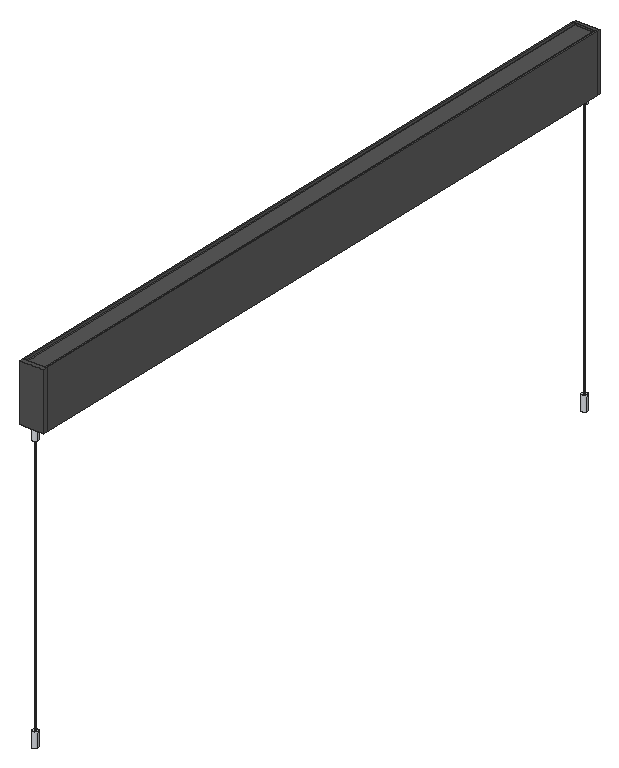
Revit family "EOS1.0-P-DI", category Lighting Fixtures, host Face, Revit 2018
Family settings
  Host = Face
  Round Connector Dimension = Use Diameter
  Part Type = Normal
  Cut with Voids When Loaded = No
  Light Source = Yes
  Shared = Yes
  Room Calculation Point = Yes
Parameters (values of type "4' Direct/ Indirect")
  Wattage = 35.2941 W
  built-in parameter 1150110 = 1 (stored number, unit not read)
  Voltage = 0 V
  built-in parameter 1114217 = 1 (stored number, unit not read)
  Tilt Angle = 90.00°
  built-in parameter 1150109 = 1 (stored number, unit not read)
  built-in parameter 1150134 = 12
  Switch Leg Visibility = no
  Switch Leg [instance] = ""
  Suspension Length [instance] = 2' - 0"
  built-in parameter 1150113 = 1 (stored number, unit not read)
  Photometric Web File = "EOS1.0-P-DI-375-375-4-40K-8-1-UNV-S1.ies"
  Material [instance] = LUX ILLUMINAIRE Black
  built-in parameter 1150105 = 238.73 (stored number, unit not read)
  Lumens = 3000 lm
  built-in parameter 1150115 = 1 (stored number, unit not read)
  built-in parameter 1150137 = (empty or 0)
  built-in parameter 1150139 = (empty or 0)
  built-in parameter 1150112 = 1 (stored number, unit not read)
  built-in parameter 1150114 = 1 (stored number, unit not read)
  Lamp = "LED"
  built-in parameter 1150132 = 2
  built-in parameter 1150102 = (empty or 0)
  built-in parameter 1150107 = 4000 (stored number, unit not read)
  built-in parameter 1150138 = (empty or 0)
  built-in parameter 1150106 = 2.3873 (stored number, unit not read)
  Fixture Width = 0' - 1 87/128"  # constant formula
  Fixture Symbol Visiblity = yes
  Fixture Length = 4' - 0"
  Emit from Rectangle Width = Fixture Width - 0' 0 1/4"  # 0' - 1 55/128"
  Emit from Rectangle Length = Fixture Length  # 4' - 0"
  Emit Shape Visible in Rendering = yes
  Emergency Lighting [instance] = no
  built-in parameter 1150104 = 7.8968 (stored number, unit not read)
  Dimming Lamp Color Temperature Shift = <None>
  Default Elevation = 4' - 0"
  Color Filter = 16777215
  built-in parameter 1140040 [instance] = 1
  built-in parameter 1114218 = 1 (stored number, unit not read)
  built-in parameter 1150133 = 10 (stored number, unit not read)
  Apparent Load = 30.6 VA
Types (7): name | Wattage | built-in parameter 1150105 | Lumens | built-in parameter 1150106 | Fixture Length | Emit from Rectangle Length | Apparent Load
  2' Direct/ Indirect | 17.6471 W | 119.37 (stored number, unit not read) | 1500 lm | 1.1937 (stored number, unit not read) | 2' - 0" | 2' - 0" | 30.6 VA
  3' Direct/ Indirect | 26.4706 W | 179.05 (stored number, unit not read) | 2250 lm | 1.7905 (stored number, unit not read) | 3' - 0" | 3' - 0" | 23 VA
  4' Direct/ Indirect | 35.2941 W | 238.73 (stored number, unit not read) | 3000 lm | 2.3873 (stored number, unit not read) | 4' - 0" | 4' - 0" | 30.6 VA
  5' Direct/ Indirect | 44.1176 W | 298.42 (stored number, unit not read) | 3750 lm | 2.9842 (stored number, unit not read) | 5' - 0" | 5' - 0" | 38 VA
  6' Direct/ Indirect | 52.9412 W | 358.1 (stored number, unit not read) | 4500 lm | 3.581 (stored number, unit not read) | 6' - 0" | 6' - 0" | 45.9 VA
  7' Direct/ Indirect | 61.7647 W | 417.78 (stored number, unit not read) | 5250 lm | 4.1778 (stored number, unit not read) | 7' - 0" | 7' - 0" | 53.6 VA
  8' Direct/ Indirect | 70.5882 W | 477.46 (stored number, unit not read) | 6000 lm | 4.7746 (stored number, unit not read) | 8' - 0" | 8' - 0" | 61.2 VA
Reference planes (in)
  plane 1 "Center (Front/Back)": y = 0
  plane 2: z = 0
  plane 3 "Center (Left/Right)": x = 0
  plane 4: x = 0.83984
  plane 5: x = -0.83984
  plane 6: y = 24
  plane 7: y = -24
  plane 8: z = 24
  plane 9: y = 24.25
  plane 10: y = -24.25
  plane 11: z = 1
  plane 12: z = 20
  plane 13: z = 19.25
Forms (in)
  Extrusion 1, solid, material "LUX ILLUMINAIRE Black" <- "Material"
    sketch origin (0, 0, 0) x (1, 0, 0) y (0, 0, 1)
      loop
        line (-0.8401, 19.9985) -> (-0.437, 19.9985) -> (0.438, 19.9985) -> (0.8411, 19.9985) -> (0.8411, 24) -> (0.75611, 24) -> (0.75611, 23.887) -> (0.60412, 23.90497) -> (-0.60354, 23.90497) -> (-0.75511, 23.887) -> (-0.75511, 24) -> (-0.8401, 24) -> (-0.8401, 19.9985)
    from -24 to 24
  Extrusion 2, solid, material "LUX ILLUMINAIRE Black" <- "Material"
    sketch origin (0, 0, 0) x (1, 0, 0) y (0, 0, 1)
      loop
        line (-0.8401, 24) -> (-0.8401, 19.9985) -> (-0.437, 19.9985) -> (0.438, 19.9985) -> (0.8411, 19.9985) -> (0.8411, 24) -> (-0.8401, 24)
    from 24 to 24.25
  Extrusion 3, solid
    sketch origin (0, 0, 0) x (1, 0, 0) y (0, 1, 0)
      loop
        circle (0.00029, -24) r 0.1875
    from 0 to 1
  Extrusion 4, solid
    sketch origin (0, 0, 0) x (1, 0, 0) y (0, 1, 0)
      loop
        circle (0.0005, -24) r 0.03125
    from 1 to 19.25
  Extrusion 5, solid
    sketch origin (0, 0, 0) x (1, 0, 0) y (0, 1, 0)
      loop
        circle (0.0005, -24) r 0.18729
    from 19.25 to 20
  Extrusion 6, solid, not visible
    sketch origin (0, 0, 0) x (1, 0, 0) y (0, 1, 0)
      loop
        circle (0.00029, -24) r 0.1875
    from 0 to 1
  Extrusion 7, solid, not visible
    sketch origin (0, 0, 0) x (1, 0, 0) y (0, 1, 0)
      loop
        circle (0.0005, -24) r 0.03125
    from 1 to 13.33203
  Extrusion 8, solid, not visible
    sketch origin (0, 0, 0) x (1, 0, 0) y (0, 1, 0)
      loop
        circle (0.0005, -24) r 0.18729
    from 13.33203 to 14.08203
  Extrusion 9, solid, material "LUX ILLUMINAIRE Black" <- "Material"
    sketch origin (0.00056, 24, 0) x (1, 0, 0) y (0, 0, -1)
      loop
        line (-0.84041, -24) -> (0.83928, -24) -> (0.83928, -19.9985) -> (0.438, -19.9985) -> (-0.437, -19.9985) -> (-0.84041, -19.9985) -> (-0.84041, -24)
    from 0 to 0.25
  Extrusion 10, solid
    sketch origin (0, 0, 0) x (1, 0, 0) y (0, 1, 0)
      loop
        circle (0.00029, 24) r 0.1875
    from 0 to 1
  Extrusion 11, solid
    sketch origin (0, 0, 0) x (1, 0, 0) y (0, 1, 0)
      loop
        circle (0.0005, 24) r 0.03125
    from 1 to 19.25
  Extrusion 12, solid
    sketch origin (0, 0, 0) x (1, 0, 0) y (0, 1, 0)
      loop
        circle (0.0005, 24) r 0.18729
    from 19.25 to 20
Lines and regions (in)
  symbolic lines, visible <- "Fixture Symbol Visiblity"
    curve 1: line (-0.83984, 24, 0) -> (0.83984, 24, 0)
    curve 2: line (-0.83984, -24, 0) -> (-0.83984, 24, 0)
    curve 3: line (0.83984, -24, 0) -> (-0.83984, -24, 0)
    curve 4: line (0.83984, 24, 0) -> (0.83984, -24, 0)
Dimensions and locks (in)
  plane 5 to plane 4 = 0' - 1 87/128"
  equal spacing: plane 7, plane 1 "Center (Front/Back)", plane 6
  "Fixture Length": plane 7 to plane 6
  plane 8 to host face = 2' - 0"
  locked: plane 6 to plane 9 at 0.25
  locked: plane 10 to plane 7 at 0.25
  "Suspension Length": plane 8 to level
  "Fixture Width": plane 4 to plane 5
  equal spacing: plane 4, plane 3 "Center (Left/Right)", plane 5
  locked: nested 2 to plane 10 at 9.5
  locked: nested 3 to Extrusion 1 at 0.09086
  plane 8 to plane 12 to plane 13 = 0' - 4" locked, 0' - 0 3/4" locked
  locked: plane 8 to imposter light at 0.05558
  aligned and locked: plane 2 to host face
  aligned and locked: level to host face
  aligned and locked: Extrusion 9 to plane 5
  aligned and locked: plane 4 to Extrusion 9
  aligned and locked: plane 6 to Extrusion 9
  aligned and locked: Extrusion 1 to plane 6
  aligned and locked: plane 10 to Extrusion 2
  aligned and locked: Extrusion 2 to plane 7
  aligned and locked: plane 7 to Extrusion 1
  aligned and locked: Extrusion 9 to plane 9
  aligned and locked: plane 12 to Extrusion 12
  aligned and locked: Extrusion 12 to plane 13
  aligned and locked: plane 13 to Extrusion 11
  aligned and locked: plane 12 to Extrusion 5
  aligned and locked: Extrusion 5 to plane 13
  aligned and locked: plane 13 to Extrusion 4
  aligned and locked: plane 7 to nested 1
  aligned and locked: plane 6 to curve 1
  aligned and locked: plane 5 to curve 2
  aligned and locked: curve 3 to plane 7
  aligned and locked: curve 4 to plane 4
  aligned and locked: nested 1 to plane 6
  aligned and locked: plane 8 to Extrusion 9
  aligned and locked: plane 8 to Extrusion 2
Automatic sketch dimensions
  host sketch curve to host sketch curve = 8' - 0"  (x2)
  Extrusion 1 sketch curve to plane 5 = 0' - 0.00025"
  plane 5 to Extrusion 1 sketch curve = 0' - 0.08474"  (x2)
  Extrusion 1 sketch curve to plane 8 = 0' - 0.113"  (x2)
  Extrusion 1 sketch curve to plane 8 = 0' - 0.09503"  (x2)
  Extrusion 1 sketch curve to Extrusion 1 sketch curve = 0' - 0.15157"
  Extrusion 1 sketch curve to plane 12 = 0' - 0.0015"
  Extrusion 1 sketch curve to plane 3 "Center (Left/Right)" = 0' - 0.437"
  plane 3 "Center (Left/Right)" to Extrusion 1 sketch curve = 0' - 0.438"
  Extrusion 1 sketch curve to plane 4 = 0' - 0.23572"
  Extrusion 1 sketch curve to plane 4 = 0' - 0.08373"  (x2)
  plane 4 to Extrusion 1 sketch curve = 0' - 0.00126"
  plane 8 to Extrusion 1 sketch curve = 0' - 0"  (x2)
  Extrusion 1 sketch curve to Extrusion 1 sketch curve = 0' - 0"  (x2)
  Extrusion 2 sketch curve to plane 5 = 0' - 0.00025"
  Extrusion 2 sketch curve to plane 12 = 0' - 0.0015"
  Extrusion 2 sketch curve to plane 3 "Center (Left/Right)" = 0' - 0.437"
  plane 3 "Center (Left/Right)" to Extrusion 2 sketch curve = 0' - 0.438"
  plane 4 to Extrusion 2 sketch curve = 0' - 0.00126"
  plane 8 to Extrusion 2 sketch curve = 0' - 0"
  plane 5 to Extrusion 9 sketch curve = 0' - 0"
  Extrusion 9 sketch curve to plane 12 = 0' - 0.0015"
  Extrusion 9 sketch curve to plane 3 "Center (Left/Right)" = 0' - 0.43644"
  plane 3 "Center (Left/Right)" to Extrusion 9 sketch curve = 0' - 0.43856"
  plane 4 to Extrusion 9 sketch curve = 0' - 0"
  plane 8 to Extrusion 9 sketch curve = 0' - 0"
  plane 7 to Extrusion 3 sketch curve = 0' - 0"
  plane 3 "Center (Left/Right)" to Extrusion 3 sketch curve = 0' - 0.00029"
  plane 7 to Extrusion 4 sketch curve = 0' - 0"
  plane 3 "Center (Left/Right)" to Extrusion 4 sketch curve = 0' - 0.0005"
  plane 7 to Extrusion 5 sketch curve = 0' - 0"
  plane 3 "Center (Left/Right)" to Extrusion 5 sketch curve = 0' - 0.0005"
  plane 6 to Extrusion 10 sketch curve = 0' - 0"
  plane 3 "Center (Left/Right)" to Extrusion 10 sketch curve = 0' - 0.00029"
  plane 6 to Extrusion 11 sketch curve = 0' - 0"
  plane 3 "Center (Left/Right)" to Extrusion 11 sketch curve = 0' - 0.0005"
  plane 6 to Extrusion 12 sketch curve = 0' - 0"
  plane 3 "Center (Left/Right)" to Extrusion 12 sketch curve = 0' - 0.0005"
  radius of Extrusion 3 sketch curve = 0' - 0 3/16"
  radius of Extrusion 4 sketch curve = 0' - 0 1/32"
  radius of Extrusion 5 sketch curve = 0' - 0.18729"
  radius of Extrusion 6 sketch curve = 0' - 0 3/16"
  radius of Extrusion 7 sketch curve = 0' - 0 1/32"
  radius of Extrusion 8 sketch curve = 0' - 0.18729"
  radius of Extrusion 10 sketch curve = 0' - 0 3/16"
  radius of Extrusion 11 sketch curve = 0' - 0 1/32"
  radius of Extrusion 12 sketch curve = 0' - 0.18729"
Nested families (in)
  nested 1: "Emergency Symbol Rectangle" at (-10.63198, 0, 0) x (0, 1, 0) z (0, 0, 1), visible <- "Emergency Lighting", type "Emergency Symbol Rectangle"
    with Width 0' - 7.44364", Length 4' - 0"
  nested 2: "Switch Leg Annotation" at (9.99627, -14.75, 0) x (0, 1, 0) z (0, 0, 1), visible <- "Switch Leg Visibility", Switch Leg Annotation <- "Switch Leg", type "Switch Leg Annotation"
    with Switch Leg Annotation ""
  nested 3: "Indirect Light Source 2" at (-8.67032, 0.00882, -34.09236) x (0, 1, 0) z (0, 0, 1), type "Indirect Light Source 2"
Connectors (in)
  electrical at (0.00029, 24, 0), driven by "Apparent Load", driven by "Voltage"
    settings: on Extrusion 10, index 1, voltage 0 V, apparent load 0 VA, apparent load phase1 30.6 VA, apparent load phase2 0 VA, apparent load phase3 0 VA, power factor 1, load classification "Other", number of poles 1, system type 31, power factor state 1, is connector primary yes, connector utility no, sub classification motor no, connector description ""
Definition of nested family "Emergency Symbol Rectangle"
  Parameters (values of type "Emergency Symbol Rectangle")
    Width [instance] = 0' - 8 1/2"
    Length [instance] = 5' - 0"
    Emergency Visibility = no
  Reference planes (in)
    plane 1 "Center (Front/Back)": y = -7.75
    plane 2: z = 0
    plane 3 "Center (Left/Right)": x = -24
    plane 4: x = 24
    plane 5: x = -36
    plane 6: y = -3.5
    plane 7: y = -12
  Lines and regions (in)
    Filled region 1, type "Solid Fill - Black", in view "Ref. Level", detail levels coarse+medium
      outline origin (0, 0.25, 0) x (1, 0, 0) y (0, 1, 0)
        loop
          line (-36, -12.25) -> (24, -12.25) -> (-36, -10.125) -> (-36, -12.25)
  Dimensions and locks (in)
    equal spacing: plane 7, plane 1 "Center (Front/Back)", plane 6
    "Width": plane 7 to plane 6
    "Length": plane 5 to plane 4
    aligned and locked: plane 5 to Filled region 1
  Automatic sketch dimensions
    plane 1 "Center (Front/Back)" to Filled region 1 sketch curve = 0' - 2 1/8"
    Filled region 1 sketch curve to plane 3 "Center (Left/Right)" = 1' - 0"
    Filled region 1 sketch curve to plane 4 = 0' - 0"
    Filled region 1 sketch curve to plane 7 = 0' - 0"
Definition of nested family "Switch Leg Annotation"
  Parameters (values of type "Switch Leg Annotation")
    Switch Leg Annotation [instance] = ""
  Reference planes (in)
    plane 1: y = 0
    plane 2: x = 0
  Text (in)
    label "a" at (0.00527, 0.01239, 0), shows "Switch Leg Annotation"
Definition of nested family "Indirect Light Source 2"
  Parameters (values of type "Indirect Light Source 2")
    Wattage = 20 W
    built-in parameter 1150110 = 1 (stored number, unit not read)
    built-in parameter 1114217 = 1 (stored number, unit not read)
    built-in parameter 1150109 = 1 (stored number, unit not read)
    built-in parameter 1150134 = (empty or 0)
    built-in parameter 1150113 = 1 (stored number, unit not read)
    Lumens = 1700 lm
    built-in parameter 1150115 = 1 (stored number, unit not read)
    built-in parameter 1150105 = 541.13 (stored number, unit not read)
    Light Source Symbol Size = 2' - 0"
    built-in parameter 1150137 = (empty or 0)
    built-in parameter 1150139 = (empty or 0)
    built-in parameter 1150112 = 1 (stored number, unit not read)
    built-in parameter 1150114 = 1 (stored number, unit not read)
    built-in parameter 1150132 = (empty or 0)
    built-in parameter 1150102 = (empty or 0)
    built-in parameter 1150138 = (empty or 0)
    built-in parameter 1150107 = 3500 (stored number, unit not read)
    built-in parameter 1150106 = 5.4113 (stored number, unit not read)
    Emit from Rectangle Width = 0' - 1 87/128"
    Emit from Rectangle Length = 3' - 11 1/2"
    Emit Shape Visible in Rendering = yes
    built-in parameter 1150104 = 7.8968 (stored number, unit not read)
    Dimming Lamp Color Temperature Shift = (empty or 0)
    Color Filter = 16777215
    built-in parameter 1114218 = 1 (stored number, unit not read)
    built-in parameter 1150133 = 10 (stored number, unit not read)
  Reference planes (in)
    plane 1 "Light Source Axis (F/B)": y = -8.60801
    plane 2: z = 0
    plane 3 "Light Source Axis (L/R)": x = 0
    plane 4 "Light Source Elevation": z = 54
    plane 5: z = 0
  Lines and regions (in)
    model lines
      curve 1: line (-22, -8.60801, 54) -> (21, -8.60801, 54)
  Dimensions and locks (in)
    aligned and locked: plane 3 "Light Source Axis (L/R)" to imposter light
    aligned and locked: level to plane 5
